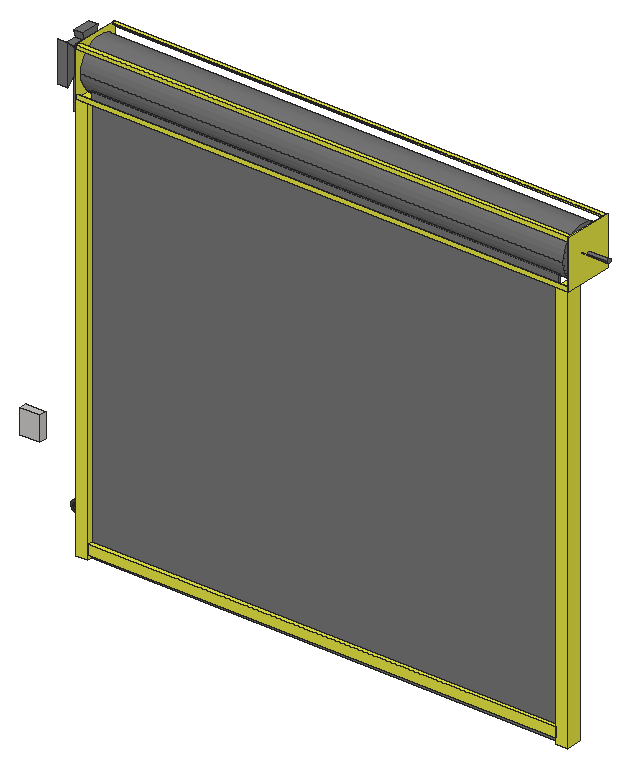
Revit family "CHI_Overhead_MaxSpeed500_192x168", category Doors, host Wall, Revit 2026
Family settings
  Host = Wall
  Classification Number = 23.30.10.00
  Always vertical = Yes
  Cut with Voids When Loaded = No
  Shared = No
  Room Calculation Point = No
Parameters
  URL = "https://performaxglobal.com/wp-content/uploads/2018/12/MaxSpeed-Brochure.pdf"
  Specification = "https://www.arcat.com/company/c-h-i--overhead-doors-43804/spec"
  SpecWizard = ""
  Sales Information = "https://performaxglobal.com/contact/"
  Product Data = "https://performaxglobal.com/maxspeed/"
  Overall Width = Width + 0' 10"  # 16' - 10"
  Overall Height = Height + 1' 8"  # 15' - 8"
  Model = "MaxSpeed 500"
  Manufacturer Website = "https://www.chiohd.com/"
  Manufacturer Phone - Toll Free = "800-590-0559"
  Manufacturer Phone = ""
  Manufacturer Fax = "217-543-4454"
  Manufacturer Email = "info@performaxglobal.com"
  Manufacturer Address = "1485 Sunrise Dr., Arthur, IL 61911"
  Manufacturer = "C.H.I. Overhead Doors"
  Installation-Fabrication = "https://performaxglobal.com/wp-content/uploads/2017/06/MaxSpeed-InstallationManual-Web.pdf"
  Green Building-LEED = ""
  Function = Interior
  Frame Projection Ext. = 0' - 0.98425"
  Frame Projection Int. = 0' - 0.98425"
  Frame Width = 0' - 2.95276"
  Height = 14' - 0"
  Wall Closure = By host
  Width = 16' - 0"
  Description = ""
  Construction Details = "https://www.arcat.com/company/c-h-i--overhead-doors-43804/cad"
  Assembly Code = ""
Reference planes (in)
  plane 1: y = 0
  plane 2 "Center (Left/Right)": x = 0
  plane 3 "Left": x = -96
  plane 4 "Right": x = 96
  plane 5: z = 168
  plane 6 "Exterior": y = 2.95276
  plane 7 "Interior": y = -2.95276
  plane 8: x = 101
  plane 9: x = -101
  plane 10: x = -101.5
  plane 11: y = 8.95276
  plane 12: z = 188
Forms (in)
  Extrusion 1, solid, material "Frame"
    sketch origin (0, 0, 0) x (1, 0, 0) y (0, 1, 0)
      loop
        line (96, 8.95276) -> (96, 2.95276) -> (101, 2.95276) -> (101, 8.95276) -> (96, 8.95276)
    from 0 to 168
  Extrusion 2, solid, material "Frame"
    sketch origin (0, 0, 0) x (-1, 0, 0) y (0, -1, 0)
      loop
        line (96, -8.95276) -> (101, -8.95276) -> (101, -2.95276) -> (96, -2.95276) -> (96, -8.95276)
    from 0 to 168
  Extrusion 3, solid, material "Steel, Paint Finish, Dark Gray, Matte"
    sketch origin (0, 5.20276, 0) x (1, 0, 0) y (0, 0, 1)
      loop
        line (96, 175.5) -> (-96, 175.5) -> (-96, 0) -> (96, 0) -> (96, 175.5)
    from 0 to 0.5
  Extrusion 4, solid, material "Frame"
    sketch origin (0, 0, 0) x (0, 1, 0) y (0, 0, 1)
      loop
        line (8.95276, 2) -> (8.95276, 6.19937) -> (2.95276, 6.19937) -> (2.95276, 2) -> (8.95276, 2)
    from -96 to 96
Lines and regions (in)
  Opening 1
    outline origin (-120.07874, -2.95276, 0) x (1, 0, 0) y (0, 0, 1)
      loop
        line (24.07874, 0) -> (216.07874, 0) -> (216.07874, 168) -> (24.07874, 168) -> (24.07874, 0)
  symbolic lines, style "Elevation Swing"
    curve 1: line (96, -2.95276, 84) -> (-96, -2.95276, 168)
    curve 2: line (96, -2.95276, 84) -> (-96, -2.95276, 0)
Text (in)
  text "Exterior" at (-90.35496, 43.28909, 0), in view "Ref. Level"
  text "Exterior" at (0, 63.59764, 145.59372), in view "Left"
  text "Exterior" at (0, 40.78868, 152.55637), in view "Right"
Dimensions and locks (in)
  equal spacing: plane 3 "Left", plane 2 "Center (Left/Right)", plane 4 "Right"
  "Width": plane 3 "Left" to plane 4 "Right"
  "Height": plane 5 to host wall
  equal spacing: host wall, curve 2, plane 5
  host wall to plane 5 = 14' - 0"
  locked: plane 6 "Exterior" to host wall at 0
  locked: plane 7 "Interior" to host wall
  locked: plane 4 "Right" to plane 8 at 5
  locked: plane 9 to plane 3 "Left" at 5
  locked: plane 9 to plane 10 at 0.5
  plane 6 "Exterior" to plane 11 = 0' - 6"
  "Overall Height": level to plane 12
  locked: plane 9 to nested 2 at 15.01817
  Extrusion 2 to nested 1 = 1' - 2.76583"
  aligned and locked: plane 3 "Left" to Opening 1 sketch curve
  aligned and locked: plane 5 to Opening 1 sketch curve  (x2)
  aligned and locked: Opening 1 sketch curve to plane 4 "Right"
  aligned and locked: Opening 1 sketch curve to level
  aligned and locked: plane 5 to curve 1
  aligned and locked: plane 3 "Left" to curve 2
  aligned and locked: host wall to plane 1
  aligned and locked: plane 3 "Left" to curve 1
  aligned and locked: plane 8 to Extrusion 1 sketch curve
  aligned and locked: Extrusion 1 sketch curve to plane 4 "Right"
  aligned and locked: Extrusion 1 to plane 5
  aligned and locked: Extrusion 2 sketch curve to plane 3 "Left"
  aligned and locked: Extrusion 2 sketch curve to plane 9
  aligned and locked: Extrusion 2 to plane 5
  aligned and locked: plane 11 to Extrusion 1
  aligned and locked: Extrusion 2 to Extrusion 1
  aligned and locked: plane 3 "Left" to Extrusion 4
  aligned and locked: Extrusion 4 to plane 4 "Right"
  aligned and locked: nested 1 to plane 2 "Center (Left/Right)"
  aligned and locked: nested 1 to plane 6 "Exterior"
  aligned and locked: plane 5 to nested 1
  aligned and locked: nested 3 to plane 9
Automatic sketch dimensions
  curve 2 to level = 0' - 0"
  plane 4 "Right" to curve 2 = 0' - 0"
  Extrusion 1 sketch curve to host wall = 0' - 0"
  Extrusion 1 sketch curve to plane 11 = 0' - 0"
  Extrusion 2 sketch curve to host wall = 0' - 0"
  Extrusion 2 sketch curve to plane 11 = 0' - 0"
  plane 3 "Left" to Extrusion 3 sketch curve = 0' - 0"
  Extrusion 3 sketch curve to level = 0' - 0"
  plane 4 "Right" to Extrusion 3 sketch curve = 0' - 0"
  Extrusion 3 sketch curve to plane 5 = 0' - 7 1/2"
  Extrusion 4 sketch curve to host wall = 0' - 0"
  Extrusion 4 sketch curve to plane 11 = 0' - 0"
  level to Extrusion 4 sketch curve = 0' - 2"
  Extrusion 4 sketch curve to Extrusion 4 sketch curve = 0' - 4.19937"
Nested families (in)
  nested 1: "192x168 Shutter Head" at (0, 22.95276, 168) x (-1, 0, 0) z (0, 0, 1), type "192x168 Shutter Head"
  nested 2: "Control Panel" at (-116.01817, 0, 36.3858) x (-1, 0, 0) z (0, 0, 1), type "Control Panel"
  nested 3: "Reflective Photo Eye" at (-100.60827, 3.45276, 13.51952) x (-1, 0, 0) z (0, 0, 1), type "Reflective Photo Eye"
Definition of nested family "192x168 Shutter Head"
  Parameters (values of type "192x168 Shutter Head")
    Overall Width = 16' - 10"
    Default Elevation = 0' - 0"
  Reference planes (in)
    plane 1 "Center (Front/Back)": y = 0
    plane 2: z = 0
    plane 3 "Center (Left/Right)": x = 0
    plane 4: z = 20
    plane 5: y = 20
    plane 6: x = 101
    plane 7: x = -101
    plane 8: x = 99
    plane 9: x = -99
    plane 10: x = -101.25
    plane 11: x = 101.25
    plane 12: x = 107
    plane 13: x = 100.25
    plane 14: z = 7.5
    plane 15: x = -110
    plane 16: x = -100.25
  Forms (in)
    Extrusion 1, solid
      sketch origin (0, 0, 0) x (0, 1, 0) y (0, 0, 1)
        loop
          circle (10, 10) r 10
      from -99 to 99
    Extrusion 2, solid
      sketch origin (0, 0, 0) x (1, 0, 0) y (0, 0, 1)
        loop
          line (-101.25, 20) -> (-101.25, 0) -> (-101, 0) -> (-101, 20) -> (-101.25, 20)
      from 0 to -20
    Extrusion 3, solid
      sketch origin (0, 0, 0) x (1, 0, 0) y (0, 0, 1)
        loop
          line (101, 20) -> (101, 0) -> (101.25, 0) -> (101.25, 20) -> (101, 20)
      from 0 to -20
    Extrusion 4, solid
      sketch origin (0, 0, 0) x (0, 1, 0) y (0, 0, 1)
        loop
          line (20, 20) -> (18.25, 20) -> (18.25, 19.75) -> (19.75, 19.75) -> (19.75, 18.25) -> (20, 18.25) -> (20, 20)
        loop
          line (0, 20) -> (0, 18.25) -> (0.25, 18.25) -> (0.25, 19.75) -> (1.75, 19.75) -> (1.75, 20) -> (0, 20)
        loop
          line (20, 0) -> (20, 1.75) -> (19.75, 1.75) -> (19.75, 0.25) -> (18.25, 0.25) -> (18.25, 0) -> (20, 0)
        loop
          line (0, 0) -> (1.75, 0) -> (1.75, 0.25) -> (0.25, 0.25) -> (0.25, 1.75) -> (0, 1.75) -> (0, 0)
      from -101 to 101
    Extrusion 5, solid
      sketch origin (-63, -5, 2.375) x (0, -1, 0) y (0, 0, 1)
        loop
          circle (-15, 7.63155) r 3.25
      from -164 to -163.25
    Extrusion 6, solid
      sketch origin (63, -5, 2.5) x (0, -1, 0) y (0, 0, -1)
        loop
          circle (-15, -7.5) r 0.75
      from -173 to -162
    Extrusion 7, solid
      sketch origin (63, -5, 2.375) x (0, -1, 0) y (0, 0, -1)
        loop
          circle (-15, -7.63155) r 3.25
      from -164 to -163.25
  Lines and regions (in)
    model lines
      curve 1: line (0, 10, 20) -> (0, 10, 0)
      curve 2: line (0, 20, 10) -> (0, 0, 10)
  Dimensions and locks (in)
    equal spacing: plane 6, plane 3 "Center (Left/Right)", plane 7
    "Overall Width": plane 6 to plane 7
    locked: plane 9 to plane 7 at 2
    locked: plane 6 to plane 8 at 2
    locked: plane 7 to plane 10 at 0.25
    locked: plane 6 to plane 11 at 0.25
    locked: plane 12 to plane 6 at 6
    locked: plane 6 to plane 13 at 0.75
    locked: plane 15 to plane 9 at 11
    locked: plane 16 to plane 7 at 0.75
    plane 1 "Center (Front/Back)" to plane 5 = 1' - 8"
    plane 4 to level = 1' - 8"
    aligned and locked: level to plane 2
    aligned and locked: plane 8 to Extrusion 1
    aligned and locked: plane 9 to Extrusion 1
    aligned and locked: Extrusion 2 sketch curve to plane 7
    aligned and locked: plane 10 to Extrusion 2 sketch curve
    aligned and locked: plane 5 to Extrusion 2
    aligned and locked: plane 1 "Center (Front/Back)" to Extrusion 2
    aligned and locked: plane 6 to Extrusion 3 sketch curve
    aligned and locked: plane 11 to Extrusion 3 sketch curve
    aligned and locked: Extrusion 3 to plane 1 "Center (Front/Back)"
    aligned and locked: plane 5 to Extrusion 3
    aligned and locked: plane 6 to Extrusion 4
    aligned and locked: Extrusion 4 to plane 7
    aligned and locked: Extrusion 6 to plane 9
    aligned and locked: Extrusion 6 to plane 15
    aligned and locked: plane 16 to Extrusion 7
    aligned and locked: Extrusion 7 to plane 7
    aligned and locked: plane 8 to nested 1
    aligned and locked: plane 6 to Extrusion 5
    aligned and locked: Extrusion 5 to plane 13
  Automatic sketch dimensions
    curve 2 to plane 1 "Center (Front/Back)" = 0' - 0"
    curve 1 to plane 4 = 0' - 0"
    curve 2 to plane 5 = 0' - 0"
    Extrusion 1 sketch curve to plane 14 = 0' - 2 1/2"
    Extrusion 1 sketch curve to plane 1 "Center (Front/Back)" = 0' - 10"
    Extrusion 2 sketch curve to level = 0' - 0"
    Extrusion 2 sketch curve to plane 4 = 0' - 0"
    Extrusion 3 sketch curve to level = 0' - 0"
    Extrusion 3 sketch curve to plane 4 = 0' - 0"
    Extrusion 4 sketch curve to plane 1 "Center (Front/Back)" = 0' - 0"  (x2)
    Extrusion 4 sketch curve to plane 4 = 0' - 0"  (x2)
    Extrusion 4 sketch curve to level = 0' - 0"  (x2)
    Extrusion 4 sketch curve to plane 5 = 0' - 0"  (x2)
    Extrusion 4 sketch curve to plane 1 "Center (Front/Back)" = 0' - 0 1/4"
    Extrusion 4 sketch curve to Extrusion 4 sketch curve = 0' - 0 1/4"  (x2)
    level to Extrusion 4 sketch curve = 0' - 0 1/4"  (x2)
    Extrusion 4 sketch curve to Extrusion 4 sketch curve = 0' - 1 1/2"  (x4)
    Extrusion 4 sketch curve to plane 5 = 0' - 1 3/4"
    Extrusion 4 sketch curve to Extrusion 4 sketch curve = 0' - 1 3/4"  (x2)
    Extrusion 4 sketch curve to plane 5 = 0' - 0 1/4"  (x2)
    Extrusion 4 sketch curve to plane 4 = 0' - 1 3/4"
    Extrusion 4 sketch curve to plane 4 = 0' - 0 1/4"
    Extrusion 5 sketch curve to plane 14 = 0' - 2.50655"
    Extrusion 5 sketch curve to plane 1 "Center (Front/Back)" = 0' - 10"
    Extrusion 6 sketch curve to plane 14 = 0' - 2 1/2"
    Extrusion 6 sketch curve to plane 1 "Center (Front/Back)" = 0' - 10"
    Extrusion 7 sketch curve to plane 14 = 0' - 2.50655"
    Extrusion 7 sketch curve to plane 1 "Center (Front/Back)" = 0' - 10"
    curve 1 to level = 0' - 0"
    curve 1 to plane 1 "Center (Front/Back)" = 0' - 10"
    curve 2 to plane 14 = 0' - 2 1/2"
    radius of Extrusion 1 sketch curve = 0' - 10"
    radius of Extrusion 5 sketch curve = 0' - 3 1/4"
    radius of Extrusion 6 sketch curve = 0' - 0 3/4"
    radius of Extrusion 7 sketch curve = 0' - 3 1/4"
  Nested families (in)
    nested 1: "192x168 Shutter Machine" at (109.75, 2.49892, -73.72062) x (-1, 0, 0) z (0, 0, 1), type "192x168 Shutter Machine"
  Definition of nested family "192x168 Shutter Machine"
    Parameters (values of type "192x168 Shutter Machine")
      Default Elevation = 0' - 0"
    Reference planes (in)
      plane 1 "Center (Front/Back)": y = 0
      plane 2: z = 0
      plane 3 "Center (Left/Right)": x = 0
    Forms (in)
      Extrusion 1, solid
        sketch origin (71.02885, 14.99344, 76.17092) x (0, -1, 0) y (-1, 0, 0)
          loop
            line (7.54503, 67.07741) -> (12.45344, 67.07741)
            arc (12.45344, 67.07741) -> (14.42916, 69.05313) -> (12.45344, 71.02885) r 1.97572
            line (12.45344, 71.02885) -> (7.54503, 71.02885) -> (7.54503, 67.07741)
        from 0 to 14.49855
      Extrusion 2, solid
        sketch origin (71.02885, 10.16031, 76.17092) x (0, -1, 0) y (-1, 0, 0)
          loop
            line (9.65886, 66.32741) -> (15.24935, 66.32741) -> (15.24935, 72.04467) -> (9.65886, 72.04467) -> (9.65886, 66.32741)
        from 0 to 14.76673
      Extrusion 3, solid
        sketch origin (0, 12.09099, 73.17092) x (0, -1, 0) y (0, 0, 1)
          loop
            circle (8, -10.15202) r 2.75
        from -2.50726 to -1.54855
      Extrusion 4, solid
        sketch origin (0, 14.97251, 92.82231) x (0, -1, 0) y (0, 0, 1)
          loop
            line (7.46852, -16.65139) -> (14.46065, -16.65139) -> (13.73514, -14.37754) -> (13.73514, -4.12914) -> (14.75049, -0.9469) -> (7.22512, -0.9469) -> (8.0778, -4.12914) -> (2.42046, -4.12914) -> (-0.77894, -0.92974) -> (-0.77894, -17.57694) -> (2.42046, -14.37754) -> (8.0778, -14.37754) -> (7.46852, -16.65139)
        from -3.95144 to 0
      Extrusion 5, solid
        sketch origin (71.02885, 20.53531, 76.17092) x (0, -1, 0) y (-1, 0, 0)
          loop
            line (7.79527, 66.32741) -> (7.94793, 66.32741) -> (7.94793, 71.02885) -> (7.79527, 71.02885) -> (7.79527, 66.32741)
        from -13.19176 to -1.66873
      Extrusion 6, solid
        sketch origin (8.02885, 14.99344, 68.67092) x (0, 0, -1) y (0, -1, 0)
          loop
            circle (-15, 7.5) r 0.75
        from -2.72115 to 5.52158
      Extrusion 7, solid
        sketch origin (0, 15.49302, 55.51889) x (0, 0, 1) y (0, 1, 0)
          loop
            arc (7.5, -14.65202) -> (10.75, -11.40202) -> (7.5, -8.15202) r 3.25
            line (7.5, -8.15202) -> (-119.43125, -8.15202)
            arc (-119.43125, -8.15202) -> (-122.68125, -11.40202) -> (-119.43125, -14.65202) r 3.25
            line (-119.43125, -14.65202) -> (7.5, -14.65202)
          loop
            arc (7.5, -14.15202) -> (10.25, -11.40202) -> (7.5, -8.65202) r 2.75
            line (7.5, -8.65202) -> (-119.43125, -8.65202)
            arc (-119.43125, -8.65202) -> (-122.18125, -11.40202) -> (-119.43125, -14.15202) r 2.75
            line (-119.43125, -14.15202) -> (7.5, -14.15202)
        from -2.41131 to -1.63729
      Extrusion 8, solid
        sketch origin (71.02885, 8.68121, 76.17092) x (0, -1, 0) y (-1, 0, 0)
          loop
            line (7.44384, 66.32741) -> (7.5423, 66.32741) -> (7.5423, 71.02885) -> (7.44384, 71.02885) -> (7.44384, 66.32741)
        from -12.52225 to -2.27386
    Lines and regions (in)
      model lines
        curve 1: circle (0, 7.50145, 83.67237) r 4.25 normal (-1, 0, 0)
        curve 2: circle (0, 7.50145, 83.67237) r 2.28846 normal (-1, 0, 0)
        curve 3: circle (0, 7.50145, 83.67237) r 0.98077 normal (-1, 0, 0)
        curve 4: line (0, 3.25145, 83.67237) -> (0, 5.21299, 83.67237)
        curve 5: line (0, 5.48944, 82.58201) -> (0, 3.76486, 81.64743)
        curve 6: line (0, 6.40205, 81.66528) -> (0, 5.29242, 80.04157)
        curve 7: line (0, 7.50145, 81.3839) -> (0, 7.50145, 79.42237)
        curve 8: line (0, 5.48944, 84.76272) -> (0, 3.76486, 85.69731)
        curve 9: line (0, 6.40205, 85.67945) -> (0, 5.29242, 87.30316)
        curve 10: line (0, 7.50145, 85.96083) -> (0, 7.50145, 87.92237)
        curve 11: line (0, 11.75145, 83.67237) -> (0, 9.78991, 83.67237)
        curve 12: line (0, 9.51346, 82.58201) -> (0, 11.23804, 81.64743)
        curve 13: line (0, 8.60085, 81.66528) -> (0, 9.71048, 80.04157)
        curve 14: line (0, 9.51346, 84.76272) -> (0, 11.23804, 85.69731)
        curve 15: line (0, 8.60085, 85.67945) -> (0, 9.71048, 87.30316)
        curve 16: line (0, 1.14465, 78.15418) -> (0, 6.97257, 78.15418)
        curve 17: line (0, 1.23736, 79.71207) -> (0, 15.75145, 79.71207)
        curve 18: line (0, 1.24117, 88.6814) -> (0, 7.11478, 88.6814)
        curve 19: line (0, 1.23736, 87.476) -> (0, 15.75145, 87.476)
        curve 20: line (0, 3.80788, 87.476) -> (0, 3.80788, 79.71207)
        curve 21: line (0, 10.73523, 87.476) -> (0, 10.73523, 86.43012)
        curve 22: line (0, 10.73523, 80.91461) -> (0, 10.73523, 79.71207)
        curve 23: circle (1.54855, 4.09099, 63.01889) r 0.75 normal (-1, 0, 0)
        curve 24: circle (2.50726, 4.09099, 63.01889) r 0.75 normal (-1, 0, 0)
        curve 25: line (0, 15.75145, 84.12315) -> (0, 15.00145, 84.12315)
        curve 26: line (0, 15.00145, 84.12315) -> (0, 15.00145, 83.12315)
        curve 27: line (0, 15.00145, 83.12315) -> (0, 15.75145, 83.12315)
    Dimensions and locks (in)
      Extrusion 6 to plane 3 "Center (Left/Right)" = 0' - 10 3/4"
      aligned and locked: level to plane 2
Definition of nested family "Control Panel"
  Parameters (values of type "Control Panel")
    Default Elevation = 0' - 0"
  Reference planes (in)
    plane 1 "Center (Front/Back)": y = 0
    plane 2: z = 0
    plane 3 "Center (Left/Right)": x = 0
  Forms (in)
    Extrusion 1, solid
      sketch origin (-279.36856, 2.95276, -36.8858) x (-1, 0, 0) y (0, 0, 1)
        loop
          line (-279.36856, 46.8858) -> (-287.36856, 46.8858) -> (-287.36856, 36.8858) -> (-279.36856, 36.8858) -> (-279.36856, 46.8858)
      from 0 to 3.04078
    Extrusion 2, solid
      sketch origin (-287.36856, 1.99354, -36.8858) x (-1, 0, 0) y (0, 0, 1)
        loop
          line (-290.09008, 43.65264) -> (-292.19685, 43.65264) -> (-292.19685, 40.59088) -> (-290.09008, 40.59088) -> (-290.09008, 43.65264)
      from 4 to 4.58626
    Extrusion 3, solid
      sketch origin (-284.66867, 1.99354, -34.30257) x (-1, 0, 0) y (0, 0, 1)
        loop
          circle (-291.28645, 42.30588) r 0.5
      from 4 to 4.58626
    Extrusion 4, solid
      sketch origin (-284.66867, 1.99354, -36.80257) x (-1, 0, 0) y (0, 0, 1)
        loop
          circle (-291.28645, 42.30588) r 0.5
      from 4 to 4.58626
    Extrusion 5, solid
      sketch origin (-284.66867, 1.99354, -39.05257) x (-1, 0, 0) y (0, 0, 1)
        loop
          circle (-291.28645, 42.30588) r 0.5
      from 4 to 4.58626
  Dimensions and locks (in)
    aligned and locked: level to plane 2
Definition of nested family "Reflective Photo Eye"
  Parameters (values of type "Reflective Photo Eye")
    Default Elevation = 0' - 0"
  Reference planes (in)
    plane 1 "Center (Front/Back)": y = 0
    plane 2: z = 0
    plane 3 "Center (Left/Right)": x = 0
  Forms (in)
    Extrusion 1, solid
      sketch origin (-261.45866, 2.95276, -14.49647) x (-1, 0, 0) y (0, 0, 1)
        loop
          circle (-264.47539, 16.74491) r 1.25
        loop
          line (-262.60039, 18.49491) -> (-262.60039, 17.98864)
          arc (-262.60039, 17.98864) -> (-266.72539, 16.74491) -> (-262.60039, 15.50117) r 2.25
          line (-262.60039, 15.50117) -> (-262.60039, 14.97695) -> (-261.85039, 14.97695) -> (-261.85039, 18.49491) -> (-262.60039, 18.49491)
      from 0 to 0.3937
  Dimensions and locks (in)
    aligned and locked: level to plane 2
